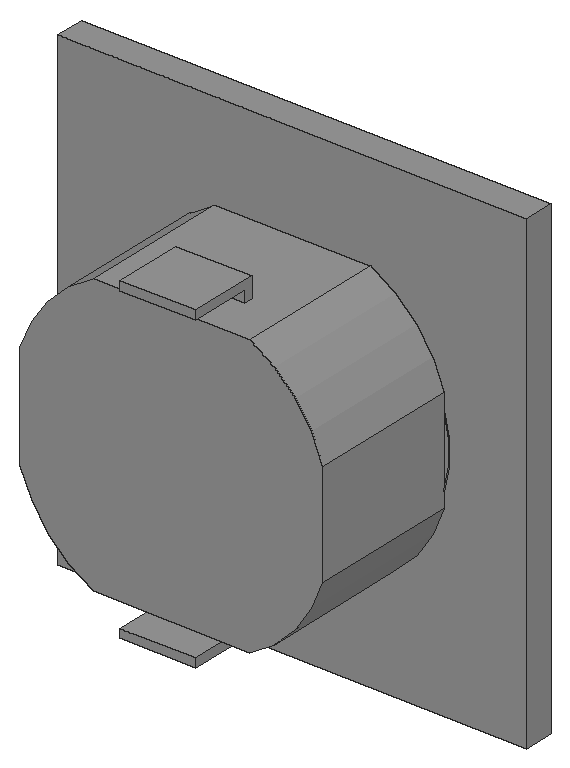
Revit family "IEK_РозеткаКомпьютерная и Телефонная_Встраиваемая_Двухместная IP20_КВАРТА", category Устройства связи, Revit 2019
Family settings
  Сохранять ориентацию аннотаций = Да
  Размер круглого соединителя = Использовать диаметр
  Тип детали = Нормальный
  На основе рабочей плоскости = Нет
  Всегда вертикально = Да
  При загрузке вырезать с полостями = Нет
  Общий = Нет
  Точка расчета площади = Нет
Parameters (values of type "РК/Т12-ККм")
  Ширина = 81.5 mm  # constant formula
  Тип монтажа = "Встраиваемый"  # constant formula
  Степень защиты = "IP20"  # constant formula
  Изготовитель = "IEK"  # constant formula
  Дата изменения = ""
  Глубина = 42.5 mm  # constant formula
  Высота = 80.5 mm  # constant formula
  ΔХ [instance] = 2000 mm
  ΔY [instance] = 2000 mm
  KSI_CPr_Строительные изделия = ""
  KSI_CMa_Строительные материалы = "01.7.14.03"  # constant formula
  IEK_Цена за единицу = 399.71
  IEK_Поиск в таблице имен = ""
  IEK_Описание = "Классический дизайн, проверенный временем и востребованный различными категориями потребителей, позволяет устанавливать изделия серии \"КВАРТА\" в квартирах, загородных домах, офисных и производственных помещениях."
  IEK_URL = "https://www.iek.ru/products/catalog/izdeliya_elektroustanovochnye_udliniteli_i_silovye_razemy/elektroustanovochnye_izdeliya/elektroustanovochnye_izdeliya_skrytogo_montazha/elektroustanovochnye_izdeliya_kvarta/elektroustanovochnye_izdeliya_kvarta_tsvet_kremovyy/rozetka_2_mestnaya_kompyuternaya_i_telefonnaya_rk_t12_kkm_kvarta_kremovyy_iek"
  ADSK_Примечание = ""
  ADSK_Позиция [instance] = ""
  ADSK_Наименование = "Розетка 2-местная компьютерная и телефонная РК/Т12-ККм КВАРТА кремовый IEK"
  ADSK_Материал обозначение = ""
  ADSK_Материал наименование = "Пластик"  # constant formula
  ADSK_Материал = Цвет кремовый
  ADSK_Масса = 0.086
  ADSK_Марка = "КВАРТА"  # constant formula
  ADSK_Код изделия = "EIK10-K33-DM"
  ADSK_Завод-изготовитель = "IEK"  # constant formula
  ADSK_Единица измерения = "шт"  # constant formula
  ADSK_Группирование = "III ЭЛЕКТРОУСТАНОВОЧНЫЕ И ЭЛЕКТРОМОНТАЖНЫЕ ИЗДЕЛИЯ"  # constant formula
  ADSK_Версия семейства = "1.0"  # constant formula
  ADSK_Версия Revit = "2019"  # constant formula
  ADSK_URL страницы изделия = "https://www.iek.ru/products/catalog/izdeliya_elektroustanovochnye_udliniteli_i_silovye_razemy/elektroustanovochnye_izdeliya/elektroustanovochnye_izdeliya_skrytogo_montazha/elektroustanovochnye_izdeliya_kvarta/?pagec=100"
Types (3, lengths in mm): name | IEK_Цена за единицу | IEK_URL | ADSK_Наименование | ADSK_Материал | ADSK_Масса | ADSK_Код изделия
  (no name) | 399.71 | "https://www.iek.ru/products/catalog/izdeliya_elektroustanovochnye_udliniteli_i_silovye_razemy/elektroustanovochnye_izdeliya/elektroustanovochnye_izdeliya_skrytogo_montazha/elektroustanovochnye_izdeliya_kvarta/elektroustanovochnye_izdeliya_kvarta_tsvet_kremovyy/rozetka_2_mestnaya_kompyuternaya_i_telefonnaya_rk_t12_kkm_kvarta_kremovyy_iek" | "Розетка 2-местная компьютерная и телефонная РК/Т12-ККм КВАРТА кремовый IEK" | Цвет кремовый | 0.086 | "EIK10-K33-DM"
  РК/Т12-КБ | 379.72 | "https://www.iek.ru/products/catalog/izdeliya_elektroustanovochnye_udliniteli_i_silovye_razemy/elektroustanovochnye_izdeliya/elektroustanovochnye_izdeliya_skrytogo_montazha/elektroustanovochnye_izdeliya_kvarta/elektroustanovochnye_izdeliya_kvarta_tsvet_belyy/rozetka_2_mestnaya_kompyuternaya_i_telefonnaya_rk_t12_kb_kvarta_belyy_iek" | "Розетка 2-местная компьютерная и телефонная РК/Т12-КБ КВАРТА белый IEK" | Цвет белый | 0.087 | "EIK10-K01-DM"
  РК/Т12-ККм | 399.71 | "https://www.iek.ru/products/catalog/izdeliya_elektroustanovochnye_udliniteli_i_silovye_razemy/elektroustanovochnye_izdeliya/elektroustanovochnye_izdeliya_skrytogo_montazha/elektroustanovochnye_izdeliya_kvarta/elektroustanovochnye_izdeliya_kvarta_tsvet_kremovyy/rozetka_2_mestnaya_kompyuternaya_i_telefonnaya_rk_t12_kkm_kvarta_kremovyy_iek" | "Розетка 2-местная компьютерная и телефонная РК/Т12-ККм КВАРТА кремовый IEK" | Цвет кремовый | 0.086 | "EIK10-K33-DM"
Reference planes
  plane 1 "По центру (Вперед/Назад)": y = 0
  plane 2: z = 0
  plane 3 "По центру (Влево/Вправо)": x = 0
  plane 4 "Высота ножек": z = 280
  plane 5 "Высота": z = 2081.496
  plane 6: x = -2000
  plane 7: y = 2000
Forms (mm)
  Extrusion 1, solid, detail levels coarse
    sketch origin (0, 0, 0) x (1, 0, 0) y (0, 1, 0)
      loop
        line (-40.75, 14.98) -> (-40.75, -29) -> (40.75, -29) -> (40.75, 14.98) -> (-40.75, 14.98)
    from 0 to 80.5
  Extrusion 2, solid, detail levels medium
    sketch origin (0, 0, 0) x (1, 0, 0) y (0, 1, 0)
      loop
        line (-40.75, -29) -> (40.75, -29) -> (40.75, 14.98) -> (-40.75, 14.98) -> (-40.75, -29)
    from 0 to 80.5
  Extrusion 3, solid, material "Цвет кремовый" <- "ADSK_Материал", detail levels fine
    sketch origin (0, 0, 40.75) x (0, 0, -1) y (-1, 0, 0)
      loop
        line (-24, 13.426) -> (-24, -13.426)
        arc (-24, -13.426) -> (-17.768, -21.254) -> (-8.958, -26) r 24.916
        line (-8.958, -26) -> (8.958, -26)
        arc (8.958, -26) -> (17.768, -21.254) -> (24, -13.426) r 24.916
        line (24, -13.426) -> (24, 13.426)
        arc (24, 13.426) -> (17.768, 21.254) -> (8.958, 26) r 24.916
        line (8.958, 26) -> (-8.958, 26)
        arc (-8.958, 26) -> (-17.768, 21.254) -> (-24, 13.426) r 24.916
    from 0 to -26
  Extrusion 4, solid, material "Цвет кремовый" <- "ADSK_Материал", detail levels fine
    sketch origin (0, 0, 40.75) x (0, 0, -1) y (-1, 0, 0)
      loop
        line (-40.75, 40.25) -> (-40.75, -40.25) -> (40.75, -40.25) -> (40.75, 40.25) -> (-40.75, 40.25)
    from 0 to 14.038
  Extrusion 5, void
    sketch origin (0, 0, 40.75) x (0, 0, -1) y (-1, 0, 0)
      loop
        line (18, -7) -> (18, 7)
        arc (18, 7) -> (0, 25) -> (-18, 7) r 18
        line (-18, 7) -> (-18, -7)
        arc (-18, -7) -> (0, -25) -> (18, -7) r 18
    from 8 to 18.875
  Extrusion 6, void
    sketch origin (-0.786, 0, 41.25) x (0, 0, 1) y (0, 1, 0)
      loop
        line (40.25, 5) -> (40.25, 18.875) -> (11.84, 18.875) -> (11.84, 14.038) -> (14.912, 14.038)
        spline (14.912, 14.038) -> (16.643, 13.743) -> (18.551, 13.423) -> (20.603, 13.06) -> (22.767, 12.637) -> (25.011, 12.136) -> (27.303, 11.54) -> (29.61, 10.832) -> (31.901, 9.995) -> (34.142, 9.01) -> (36.302, 7.861) -> (38.349, 6.53) -> (40.25, 5)
    from -55.184 to 53.611
  Extrusion 7, void
    sketch origin (14, 0, 40.75) x (0, 0, -1) y (-1, 0, 0)
      loop
        line (-6, 5.5) -> (-6, -1.5) -> (-3.5, -1.5) -> (-3.5, -3.5) -> (-2, -3.5) -> (-2, -5.5) -> (2, -5.5) -> (2, -3.5) -> (3.5, -3.5) -> (3.5, -1.5) -> (6, -1.5) -> (6, 5.5) -> (-6, 5.5)
    from 8 to -1
  Extrusion 8, void
    sketch origin (-0.786, 0, 40.25) x (0, 0, -1) y (0, -1, 0)
      loop
        spline (40.25, -5) -> (38.349, -6.53) -> (36.302, -7.861) -> (34.142, -9.01) -> (31.901, -9.995) -> (29.61, -10.832) -> (27.303, -11.54) -> (25.011, -12.136) -> (22.767, -12.637) -> (20.603, -13.06) -> (18.551, -13.423) -> (16.643, -13.743) -> (14.912, -14.038)
        line (14.912, -14.038) -> (11.84, -14.038) -> (11.84, -18.875) -> (40.25, -18.875) -> (40.25, -5)
    from -55.184 to 53.611
  Extrusion 9, void
    sketch origin (0, 0, 39.964) x (0, -1, 0) y (-1, 0, 0)
      loop
        spline (-5, -40.25) -> (-6.53, -38.349) -> (-7.861, -36.302) -> (-9.01, -34.142) -> (-9.995, -31.901) -> (-10.832, -29.61) -> (-11.54, -27.303) -> (-12.136, -25.011) -> (-12.637, -22.767) -> (-13.06, -20.603) -> (-13.423, -18.551) -> (-13.743, -16.643) -> (-14.038, -14.912)
        line (-14.038, -14.912) -> (-14.038, -11.84) -> (-18.875, -11.84) -> (-18.875, -40.25) -> (-5, -40.25)
    from -55.184 to 53.611
  Extrusion 10, void
    sketch origin (0, 0, 39.964) x (0, 1, 0) y (1, 0, 0)
      loop
        line (5, -40.25) -> (18.875, -40.25) -> (18.875, -11.84) -> (14.038, -11.84) -> (14.038, -14.912)
        spline (14.038, -14.912) -> (13.743, -16.643) -> (13.423, -18.551) -> (13.06, -20.603) -> (12.637, -22.767) -> (12.136, -25.011) -> (11.54, -27.303) -> (10.832, -29.61) -> (9.995, -31.901) -> (9.01, -34.142) -> (7.861, -36.302) -> (6.53, -38.349) -> (5, -40.25)
    from -55.184 to 53.611
  Extrusion 11, void
    sketch origin (-14, 0, 40.75) x (0, 0, -1) y (-1, 0, 0)
      loop
        line (-6, -5.5) -> (6, -5.5) -> (6, 1.5) -> (3.5, 1.5) -> (3.5, 3.5) -> (2, 3.5) -> (2, 5.5) -> (-2, 5.5) -> (-2, 3.5) -> (-3.5, 3.5) -> (-3.5, 1.5) -> (-6, 1.5) -> (-6, -5.5)
    from 8 to -1
  Sweep 12, solid, material "Цвет кремовый" <- "ADSK_Материал", detail levels fine
    path origin (0, 0, 40.75) x (0, 0, -1) y (-1, 0, 0)
      loop
        arc (-18, -7) -> (0, -25) -> (18, -7) r 18
        line (18, -7) -> (18, 7)
        arc (18, 7) -> (0, 25) -> (-18, 7) r 18
        line (-18, 7) -> (-18, -7)
    profile origin (25, 0, 40.75) x (0, 1, 0) y (-1, 0, 0)
      loop
        line (0, 0) -> (0, -1.947) -> (14.038, -1.947)
        arc (14.038, -1.947) -> (15.011, -0.973) -> (14.038, 0) r 0.973
        line (14.038, 0) -> (0, 0)
  Extrusion 13, solid, material "Цвет кремовый" <- "ADSK_Материал", detail levels fine
    sketch origin (0, 0, 40.75) x (0, 0, -1) y (0, 1, 0)
      loop
        line (-26, -29) -> (-26, -18.5) -> (-24, -18.5) -> (-24, -17) -> (-27.5, -17) -> (-27.5, -29) -> (-26, -29)
      loop
        line (26, -18.5) -> (26, -29) -> (27.5, -29) -> (27.5, -17) -> (24, -17) -> (24, -18.5) -> (26, -18.5)
    from -6.5 to 6.5
Cuts and joins
  Extrusion 5, Extrusion 6, Extrusion 7, Extrusion 8, Extrusion 9, Extrusion 10, Extrusion 11 cuts Extrusion 4
Lines and regions (mm)
  reference lines
    curve 1: line (0, 44.647, 0) -> (0, -55.353, 0)
    curve 2: line (-23.829, 0, 0) -> (76.171, 0, 0)
Dimensions and locks
  locked: plane 4 "Высота ножек" to plane 2 at 280
  plane 5 "Высота" to plane 4 "Высота ножек" = 1801.496 mm
  "ΔХ": plane 6 to curve 1
  "ΔY": plane 7 to curve 2
  aligned and locked: level to plane 2
  aligned and locked: nested 1 to curve 1
  aligned and locked: curve 2 to nested 1
  aligned and locked: Extrusion 1 to Extrusion 2
Automatic sketch dimensions
  plane 1 "По центру (Вперед/Назад)" to Extrusion 1 sketch curve = 29 mm
  Extrusion 1 sketch curve to plane 3 "По центру (Влево/Вправо)" = 40.75 mm
  plane 3 "По центру (Влево/Вправо)" to Extrusion 1 sketch curve = 40.75 mm
  Extrusion 1 sketch curve to plane 1 "По центру (Вперед/Назад)" = 14.98 mm
  Extrusion 2 sketch curve to plane 1 "По центру (Вперед/Назад)" = 14.98 mm
  Extrusion 2 sketch curve to plane 3 "По центру (Влево/Вправо)" = 40.75 mm
  plane 3 "По центру (Влево/Вправо)" to Extrusion 2 sketch curve = 40.75 mm
  plane 1 "По центру (Вперед/Назад)" to Extrusion 2 sketch curve = 29 mm
  plane 3 "По центру (Влево/Вправо)" to Extrusion 3 sketch curve = 13.426 mm  (x2)
  level to Extrusion 3 sketch curve = 64.75 mm
  Extrusion 3 sketch curve to Extrusion 3 sketch curve = 15.042 mm  (x2)
  Extrusion 3 sketch curve to plane 3 "По центру (Влево/Вправо)" = 2.138 mm  (x2)
  Extrusion 3 sketch curve to Extrusion 3 sketch curve = 22.213 mm
  plane 3 "По центру (Влево/Вправо)" to Extrusion 3 sketch curve = 2.138 mm
  Extrusion 3 sketch curve to Extrusion 3 sketch curve = 0 mm
  Extrusion 3 sketch curve to Extrusion 3 sketch curve = 3.575 mm  (x2)
  Extrusion 3 sketch curve to Extrusion 3 sketch curve = 17.916 mm  (x2)
  Extrusion 3 sketch curve to plane 3 "По центру (Влево/Вправо)" = 13.426 mm
  level to Extrusion 3 sketch curve = 16.75 mm
  Extrusion 4 sketch curve to level = 0 mm
  Extrusion 4 sketch curve to plane 3 "По центру (Влево/Вправо)" = 40.25 mm
  level to Extrusion 4 sketch curve = 81.5 mm
  plane 3 "По центру (Влево/Вправо)" to Extrusion 4 sketch curve = 40.25 mm
  Extrusion 5 sketch curve to plane 3 "По центру (Влево/Вправо)" = 7 mm
  level to Extrusion 5 sketch curve = 58.75 mm
  Extrusion 5 sketch curve to Extrusion 5 sketch curve = 18 mm
  plane 3 "По центру (Влево/Вправо)" to Extrusion 5 sketch curve = 7 mm
  Extrusion 6 sketch curve to plane 1 "По центру (Вперед/Назад)" = 18.875 mm
  level to Extrusion 6 sketch curve = 53.09 mm
  Extrusion 6 sketch curve to plane 1 "По центру (Вперед/Назад)" = 14.038 mm
  Extrusion 6 sketch curve to Extrusion 6 sketch curve = 3.071 mm
  Extrusion 6 sketch curve to plane 1 "По центру (Вперед/Назад)" = 5 mm
  Extrusion 6 sketch curve to Extrusion 6 sketch curve = 25.338 mm
  plane 3 "По центру (Влево/Вправо)" to Extrusion 7 sketch curve = 8.5 mm
  level to Extrusion 7 sketch curve = 46.75 mm
  Extrusion 7 sketch curve to Extrusion 7 sketch curve = 2.5 mm  (x2)
  Extrusion 7 sketch curve to Extrusion 7 sketch curve = 1.5 mm  (x2)
  Extrusion 7 sketch curve to Extrusion 7 sketch curve = 4 mm
  Extrusion 7 sketch curve to Extrusion 7 sketch curve = 7 mm  (x2)
  Extrusion 7 sketch curve to Extrusion 7 sketch curve = 2 mm  (x3)
  Extrusion 8 sketch curve to level = 0 mm
  level to Extrusion 8 sketch curve = 25.338 mm
  Extrusion 8 sketch curve to Extrusion 8 sketch curve = 3.071 mm
  Extrusion 8 sketch curve to plane 1 "По центру (Вперед/Назад)" = 18.875 mm
  Extrusion 8 sketch curve to Extrusion 8 sketch curve = 4.837 mm
  Extrusion 8 sketch curve to plane 1 "По центру (Вперед/Назад)" = 5 mm
  Extrusion 9 sketch curve to plane 1 "По центру (Вперед/Назад)" = 18.875 mm
  Extrusion 9 sketch curve to Extrusion 9 sketch curve = 4.837 mm
  Extrusion 9 sketch curve to plane 1 "По центру (Вперед/Назад)" = 5 mm
  plane 3 "По центру (Влево/Вправо)" to Extrusion 9 sketch curve = 11.84 mm
  Extrusion 9 sketch curve to Extrusion 9 sketch curve = 3.071 mm
  Extrusion 9 sketch curve to Extrusion 9 sketch curve = 25.338 mm
  Extrusion 10 sketch curve to plane 1 "По центру (Вперед/Назад)" = 5 mm
  Extrusion 10 sketch curve to plane 1 "По центру (Вперед/Назад)" = 14.038 mm
  Extrusion 10 sketch curve to Extrusion 10 sketch curve = 4.837 mm
  Extrusion 10 sketch curve to plane 3 "По центру (Влево/Вправо)" = 11.84 mm
  Extrusion 10 sketch curve to Extrusion 10 sketch curve = 3.071 mm
  Extrusion 10 sketch curve to Extrusion 10 sketch curve = 25.338 mm
  Extrusion 11 sketch curve to plane 3 "По центру (Влево/Вправо)" = 8.5 mm
  level to Extrusion 11 sketch curve = 46.75 mm
  Extrusion 11 sketch curve to Extrusion 11 sketch curve = 2.5 mm  (x2)
  Extrusion 11 sketch curve to Extrusion 11 sketch curve = 1.5 mm  (x2)
  Extrusion 11 sketch curve to Extrusion 11 sketch curve = 4 mm
  Extrusion 11 sketch curve to Extrusion 11 sketch curve = 7 mm  (x2)
  Extrusion 11 sketch curve to Extrusion 11 sketch curve = 2 mm  (x3)
  Sweep 12 sketch curve to plane 3 "По центру (Влево/Вправо)" = 7 mm
  level to Sweep 12 sketch curve = 58.75 mm
  Sweep 12 sketch curve to Sweep 12 sketch curve = 18 mm
  plane 3 "По центру (Влево/Вправо)" to Sweep 12 sketch curve = 7 mm
  Sweep 12 sketch curve to profile plane = 0 mm  (x2)
  profile plane to Sweep 12 sketch curve = 0.973 mm
  profile plane to Sweep 12 sketch curve = 14.038 mm
  plane 1 "По центру (Вперед/Назад)" to Extrusion 13 sketch curve = 17 mm
  level to Extrusion 13 sketch curve = 68.25 mm
  Extrusion 13 sketch curve to Extrusion 13 sketch curve = 1.5 mm  (x4)
  Extrusion 13 sketch curve to Extrusion 13 sketch curve = 2 mm  (x2)
  level to Extrusion 13 sketch curve = 16.75 mm
  plane 1 "По центру (Вперед/Назад)" to Extrusion 13 sketch curve = 18.5 mm
  Extrusion 13 sketch curve to Extrusion 13 sketch curve = 10.5 mm  (x2)
  curve 2 to plane 3 "По центру (Влево/Вправо)" = 23.829 mm
  plane 3 "По центру (Влево/Вправо)" to curve 2 = 76.171 mm
  plane 1 "По центру (Вперед/Назад)" to curve 1 = 55.353 mm
  curve 1 to plane 1 "По центру (Вперед/Назад)" = 44.647 mm
Nested families
  nested 1: "УГО Розетки связистской" at (0, 0, 0), type "Розетка сетевая и телефонная", detail levels coarse+medium
Connectors
  electrical at (0, -29, 40.25)
    settings: on Extrusion 1, index 1, voltage 0 V, apparent load 0 VA, apparent load phase1 0 VA, apparent load phase2 0 VA, apparent load phase3 0 VA, power factor 1, load classification "Прочее", number of poles 1, system type 9, power factor state 1, is connector primary yes, connector utility no, sub classification motor no, connector description ""
Definition of nested family "УГО Розетки связистской"
  Parameters (values of type "Розетка телефонная")
    Розетка телефонная = yes
    Розетка сетевая (Интернет) = no
    Розетка сетевая и телефонная = no
    Розетка телевизионная = no
  Types (4, lengths in mm): name | Розетка телефонная | Розетка сетевая (Интернет) | Розетка сетевая и телефонная | Розетка телевизионная
    Розетка телевизионная | no | no | no | yes
    Розетка сетевая (Интернет) | no | yes | no | no
    Розетка сетевая и телефонная | no | no | yes | no
    Розетка телефонная | yes | no | no | no
  Reference planes
    plane 1: y = 0
    plane 2: x = 0
  Lines and regions (mm)
    Filled region 1, type "Цветовая область 1", visible <- "Розетка телефонная"
      outline origin (0, 0, 0) x (1, 0, 0) y (0, 1, 0)
        loop
          line (-0.512, 1.977) -> (-0.512, 3.023) -> (-1.53, 3.023) -> (-1.53, 1.977) -> (-0.512, 1.977)
        loop
          line (0.512, 1.977) -> (1.53, 1.977) -> (1.53, 3.023) -> (0.512, 3.023) -> (0.512, 1.977)
    Filled region 2, type "Цветовая область 1", visible <- "Розетка телефонная", not visible
      outline origin (0, 0, 0) x (1, 0, 0) y (0, 1, 0)
        loop
          line (8.078, 7.617) -> (8.078, 8.664) -> (7.06, 8.664) -> (7.06, 7.617) -> (8.078, 7.617)
        loop
          line (9.101, 7.617) -> (10.119, 7.617) -> (10.119, 8.664) -> (9.101, 8.664) -> (9.101, 7.617)
    Filled region 3, type "Цветовая область 1", visible <- "Розетка сетевая и телефонная"
      outline origin (0, 0, 0) x (1, 0, 0) y (0, 1, 0)
        loop
          line (0.994, 4) -> (0.994, 3) -> (1.994, 3) -> (1.994, 4) -> (0.994, 4)
        loop
          line (3.019, 3) -> (4.019, 3) -> (4.019, 4) -> (3.019, 4) -> (3.019, 3)
    Filled region 4, type "Цветовая область 1", visible <- "Розетка сетевая и телефонная", not visible
      outline origin (0, 0, 0) x (1, 0, 0) y (0, 1, 0)
        loop
          line (28.769, 14.987) -> (28.769, 13.987) -> (29.769, 13.987) -> (29.769, 14.987) -> (28.769, 14.987)
        loop
          line (30.794, 13.987) -> (31.794, 13.987) -> (31.794, 14.987) -> (30.794, 14.987) -> (30.794, 13.987)
    detail lines
      curve 1: line (0.006, 0, 0) -> (0.006, 2.454, 0)
      curve 2: line (0.006, 0, 0) -> (2.217, 0, 0)
    detail lines, visible <- "Розетка сетевая (Интернет)", not visible
      curve 3: line (2.5, 1.221, 0) -> (-2.5, 1.221, 0)
      curve 4: line (2.5, 6.221, 0) -> (-2.5, 6.221, 0)
      curve 5: line (0, 6.221, 0) -> (-2.5, 1.221, 0)
      curve 6: line (0, 6.221, 0) -> (2.5, 1.221, 0)
    detail lines, visible <- "Розетка телевизионная", not visible
      curve 7: line (19.458, 13.285, 0) -> (24.458, 13.285, 0)
      curve 8: line (19.458, 8.285, 0) -> (24.458, 8.285, 0)
      curve 9: line (21.958, 13.285, 0) -> (19.458, 8.285, 0)
      curve 10: line (21.958, 13.285, 0) -> (24.458, 8.285, 0)
    detail lines, visible <- "Розетка сетевая (Интернет)"
      curve 11: line (2.506, 0, 0) -> (-2.494, 0, 0)
      curve 12: line (2.506, 5, 0) -> (-2.494, 5, 0)
      curve 13: line (0.006, 5, 0) -> (-2.494, 0, 0)
      curve 14: line (0.006, 5, 0) -> (2.506, 0, 0)
    detail lines, visible <- "Розетка телевизионная"
      curve 15: line (-2.494, 5, 0) -> (2.506, 5, 0)
      curve 16: line (-2.494, 0, 0) -> (2.506, 0, 0)
      curve 17: line (0.006, 5, 0) -> (-2.494, 0, 0)
      curve 18: line (0.006, 5, 0) -> (2.506, 0, 0)
    detail lines, visible <- "Розетка телефонная"
      curve 19: circle (0.006, 2.5, 0) r 2.5 normal (0, 0, 1)
      curve 21: line (-1.53, 3.023, 0) -> (-1.53, 1.977, 0)
      curve 22: line (-1.53, 1.977, 0) -> (-0.512, 1.977, 0)
      curve 23: line (-0.512, 1.977, 0) -> (-0.512, 3.023, 0)
      curve 24: line (-0.512, 3.023, 0) -> (-1.53, 3.023, 0)
      curve 25: line (1.53, 3.023, 0) -> (1.53, 1.977, 0)
      curve 26: line (1.53, 1.977, 0) -> (0.512, 1.977, 0)
      curve 27: line (0.512, 1.977, 0) -> (0.512, 3.023, 0)
      curve 28: line (0.512, 3.023, 0) -> (1.53, 3.023, 0)
    detail lines, visible <- "Розетка телефонная", not visible
      curve 20: circle (8.596, 8.14, 0) r 2.5 normal (0, 0, 1)
      curve 29: line (7.06, 8.664, 0) -> (7.06, 7.617, 0)
      curve 30: line (7.06, 7.617, 0) -> (8.078, 7.617, 0)
      curve 31: line (8.078, 7.617, 0) -> (8.078, 8.664, 0)
      curve 32: line (8.078, 8.664, 0) -> (7.06, 8.664, 0)
      curve 33: line (10.119, 8.664, 0) -> (10.119, 7.617, 0)
      curve 34: line (10.119, 7.617, 0) -> (9.101, 7.617, 0)
      curve 35: line (9.101, 7.617, 0) -> (9.101, 8.664, 0)
      curve 36: line (9.101, 8.664, 0) -> (10.119, 8.664, 0)
    detail lines, visible <- "Розетка сетевая и телефонная"
      curve 37: line (-5.994, 7, 0) -> (6.006, 7, 0)
      curve 38: line (-5.994, 0, 0) -> (-5.994, 7, 0)
      curve 39: line (6.006, 0, 0) -> (-5.994, 0, 0)
      curve 40: line (6.006, 7, 0) -> (6.006, 0, 0)
      curve 41: line (-4.994, 1, 0) -> (0.006, 1, 0)
      curve 42: line (-2.474, 6, 0) -> (-4.994, 1, 0)
      curve 43: line (-2.474, 6, 0) -> (0.006, 1, 0)
      curve 44: circle (2.506, 3.5, 0) r 2.5 normal (0, 0, 1)
      curve 45: line (-4.994, 6, 0) -> (0.006, 6, 0)
      curve 46: line (0.994, 4, 0) -> (0.994, 3, 0)
      curve 47: line (0.994, 3, 0) -> (1.994, 3, 0)
      curve 48: line (1.994, 3, 0) -> (1.994, 4, 0)
      curve 49: line (1.994, 4, 0) -> (0.994, 4, 0)
      curve 50: line (4.019, 4, 0) -> (4.019, 3, 0)
      curve 51: line (4.019, 3, 0) -> (3.019, 3, 0)
      curve 52: line (3.019, 3, 0) -> (3.019, 4, 0)
      curve 53: line (3.019, 4, 0) -> (4.019, 4, 0)
    detail lines, visible <- "Розетка сетевая и телефонная", not visible
      curve 54: line (21.782, 17.987, 0) -> (33.782, 17.987, 0)
      curve 55: line (21.782, 10.987, 0) -> (21.782, 17.987, 0)
      curve 56: line (33.782, 10.987, 0) -> (21.782, 10.987, 0)
      curve 57: line (33.782, 17.987, 0) -> (33.782, 10.987, 0)
      curve 58: line (22.782, 11.987, 0) -> (27.782, 11.987, 0)
      curve 59: line (25.301, 16.987, 0) -> (22.782, 11.987, 0)
      curve 60: line (25.301, 16.987, 0) -> (27.782, 11.987, 0)
      curve 61: circle (30.282, 14.487, 0) r 2.5 normal (0, 0, 1)
      curve 62: line (22.782, 16.987, 0) -> (27.782, 16.987, 0)
      curve 63: line (28.769, 14.987, 0) -> (28.769, 13.987, 0)
      curve 64: line (28.769, 13.987, 0) -> (29.769, 13.987, 0)
      curve 65: line (29.769, 13.987, 0) -> (29.769, 14.987, 0)
      curve 66: line (29.769, 14.987, 0) -> (28.769, 14.987, 0)
      curve 67: line (31.794, 14.987, 0) -> (31.794, 13.987, 0)
      curve 68: line (31.794, 13.987, 0) -> (30.794, 13.987, 0)
      curve 69: line (30.794, 13.987, 0) -> (30.794, 14.987, 0)
      curve 70: line (30.794, 14.987, 0) -> (31.794, 14.987, 0)
  Text (mm)
    text "TV" at (20.688, 11.147, 0), visible <- "Розетка телевизионная", not visible
    text "TV" at (-1.264, 2.862, 0), visible <- "Розетка телевизионная"
